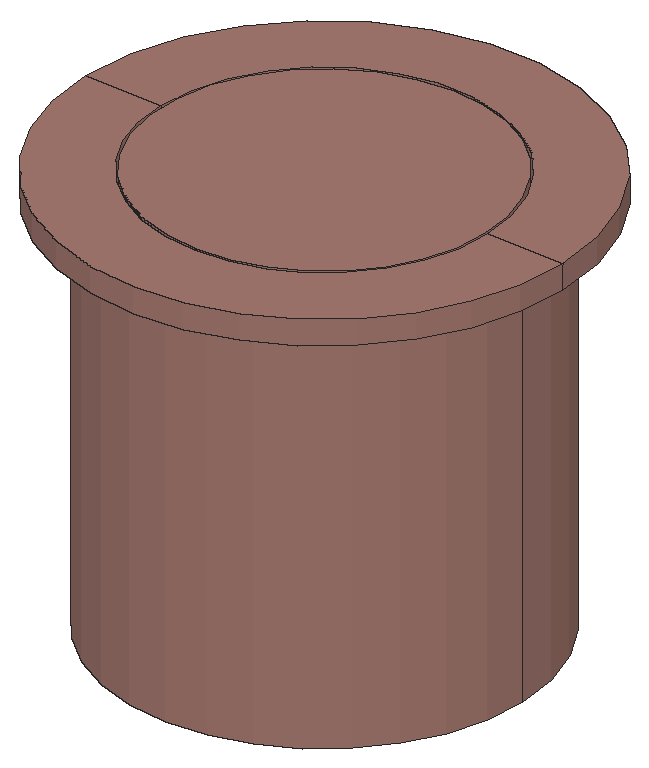
Revit family "Accesoories-Teknion-MXPGR_Media_Grommet_Round-R2023", category Furniture, Revit 2023
Family settings
  OmniClass Number = 23.40.20.00
  OmniClass Title = General Furniture and Specialties
  Work Plane-Based = No
  Enable Cutting in Views = No
  Always vertical = Yes
  Cut with Voids When Loaded = No
  Render Appearance Source = Family Geometry
  Shared = Yes
  Room Calculation Point = No
Parameters (values of type "Media Grommet – Round")
  Warranty = "http://www.teknion.com/ca/papers/legal-canada"
  Unit Weight URL = "http://www.teknion.com/ca/tools/assets#&asset=bee6a381-b954-425e-8283-5a2de3a804f2,f828d448-4b62-4231-9e5f-9a8991c0ed77"
  URL = "www.teknion.com"
  To render please download texture images found here [instance] = "https://assets.teknion.com/web/5e81352c1dfdb467/revit-material-swatches/"
  Sustainability Data = "https://www.teknion.com/ca/tools/assets#&topic=216f99a5-57a0-44fc-b10a-9dee9b29ae4c&asset=444deb64-fe58-4b68-981e-f75e97781df7,b4ff2d81-9f2e-437d-9659-7cffb09c31cf"
  Series = "Expansion Meeting"  # constant formula
  Product Page URL = "http://www.teknion.com/pricing/Expansion-meeting/pdfs/MXPGR_ppg.pdf"
  Product Line = "Electrical/Accesories"  # constant formula
  Product Documentation Link = "http://www.teknion.com/pricing/Expansion-meeting/pdfs/MXPGR_ppg.pdf"
  Part Number = "MXPGR"  # constant formula
  Model = "MXPGR"  # constant formula
  Manufacturer Phone = "416-661-3370"  # constant formula
  Manufacturer Fax = "416.661.4586"  # constant formula
  Manufacturer Contact Information = "http://www.teknion.com/ca/contactus"
  Manufacturer Address = "1150 Flint Road, Toronto, ON. M3J 2J5. Canada"  # constant formula
  Manufacturer = "Teknion"  # constant formula
  How To Use Teknion Materials User Guide [instance] = "https://assets.teknion.com/m/205dd0a49fa58060/original/How-to-add-a-Material-Library-and-Texture-Images-to-your-Revit-project.pdf"
  Grommet Finish [instance] = Paint - Teknion - 18 - Accent - Brickstone
  For Additional Finishes please visit [instance] = "https://assets.teknion.com/m/44a8009b046e5d47/original/Teknion_Materials_Library.zip"
  Description = "Media Grommet – Round"
  Default Elevation = 0.000"
  Assembly Code = "E2020200"
Reference planes (in)
  plane 1 "Center Front/Back": y = 0.00001
  plane 2: z = 0
  plane 3 "Center Left/Right": x = 0.00003
  plane 4 "Left": x = -0.74997
  plane 5 "Right": x = 0.75003
  plane 6 "Back": y = 0.75001
  plane 7 "Front": y = -0.74999
  plane 8 "Top": z = 29.07089
Forms (in)
  Revolve 1, solid, material "Paint - Teknion - 18 - Accent - Brickstone" <- "Grommet Finish"
    sketch origin (0, 0.00001, 0) x (1, 0, 0) y (0, 0, 1)
      loop
        line (-0.73987, 29.07089) -> (-0.73987, 28.99721) -> (-0.61495, 28.99721) -> (-0.61495, 27.80917) -> (-0.5079, 27.80917) -> (-0.5079, 29.07089) -> (-0.73987, 29.07089)
      axis (0.00003, 29.07089) -> (0.00003, 27.80917)
    angle from 0 to 360
  Sweep 2, solid, material "Paint - Teknion - 18 - Accent - Brickstone" <- "Grommet Finish"
    path origin (0, 0.00001, 0) x (1, 0, 0) y (0, 0, 1)
      loop
        line (0.00003, 29.07089) -> (0.00003, 28.99721)
    profile origin (0.00003, 0.00001, 29.03405) x (0, -1, 0) y (1, 0, 0)
      loop
        circle (0, 0) r 0.5
Lines and regions (in)
  Masking region 1
    outline origin (0, 0, 0) x (1, 0, 0) y (0, 1, 0)
      loop
        circle (0.00003, 0.00001) r 0.75
  symbolic lines
    curve 1: arc (0.00003, 0.50001, 0) -> (-0.49997, 0.00001, 0) -> (0.00003, -0.49999, 0) r 0.5
    curve 2: arc (0.00003, -0.49999, 0) -> (0.50003, 0.00001, 0) -> (0.00003, 0.50001, 0) r 0.5
    curve 3: arc (0.50797, 0.00001, 0) -> (0.00003, -0.50793, 0) -> (-0.5079, 0.00001, 0) r 0.50794
    curve 4: arc (-0.5079, 0.00001, 0) -> (0.00003, 0.50794, 0) -> (0.50797, 0.00001, 0) r 0.50794
Dimensions and locks (in)
  plane 4 "Left" to plane 5 "Right" = 1.500"
  plane 6 "Back" to plane 7 "Front" = 1.500"
  plane 8 "Top" to level = 29.07089"
  aligned and locked: level to plane 2
Nested families (in)
  nested 1: "Teknion_2D_Node_Family-R2021" at (0.00003, 0.00001, 0), type "Teknion_2D_Node_Family-R2021"
Definition of nested family "Teknion_2D_Node_Family-R2021"
  Reference planes (in)
    plane 1 "Center (Front/Back)": y = 0
    plane 2: z = 0
    plane 3 "Center (Left/Right)": x = 0
  Lines and regions (in)
    detail lines, in view "Ref. Level"
      curve 1: circle (0, 0, 0) r 1.25 normal (0, 0, 1)
      curve 2: line (1.91508, -1.91508, 0) -> (-1.91508, 1.91508, 0)
      curve 3: line (-1.91508, -1.91508, 0) -> (1.91508, 1.91508, 0)
